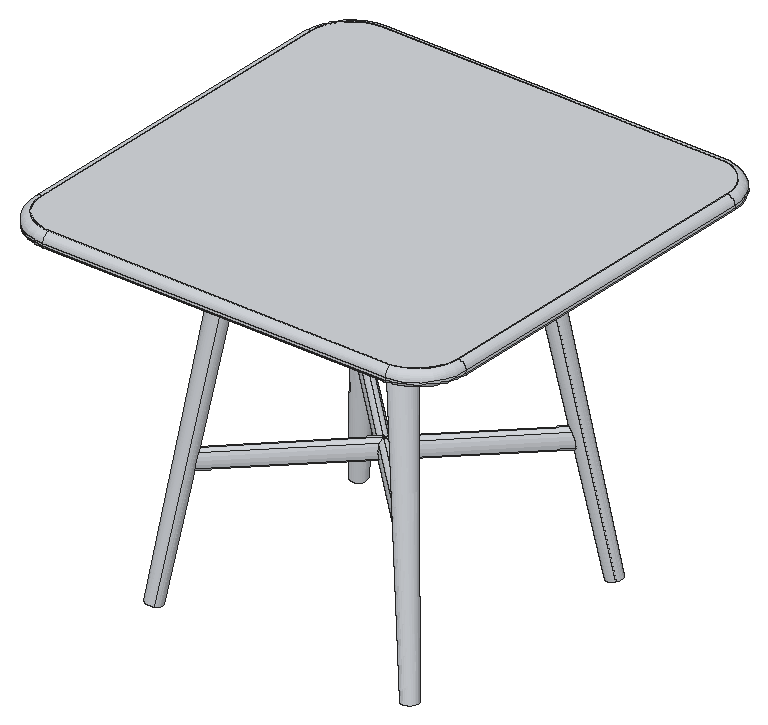
Revit family "Bernhardt_Design-Tables-Multipurpose-LaPaz", category Furniture, Revit 2016
Family settings
  OmniClass Number = 23.40.20.00
  OmniClass Title = General Furniture and Specialties
  Work Plane-Based = No
  Always vertical = Yes
  Cut with Voids When Loaded = No
  Shared = No
  Room Calculation Point = No
Parameters (values of type "La Paz - 36" Square")
  URL = "http://www.bernhardtdesign.com"
  Tabletop [instance] = none
  Square Radius = 17.99999"
  Square Inner Radius = 17.33597"
  Square Top = yes
  SKU = "LPS-CAA"
  Round 48 Top = no
  Round 42 Top = no
  Model = "La Paz"  # constant formula
  Manufacturer = "Bernhardt Design"  # constant formula
  Copyright © = "Copyright © Bernhardt Design"  # constant formula
  Catalog = SKU  # "LPS-CAA"
  Base Veneer [instance] = none
  Authoring Version = "Autodesk Revit 2016"  # constant formula
Types (5): name | Square Radius | Square Inner Radius | Square Top | SKU | Round 48 Top | Round 42 Top | Catalog
  (no name) | 17.99999" | 17.33597" | yes | "LPS-CAA" | no | no | "LPS-CAA"
  La Paz - 42" Round | 17.99999" | 17.33597" | no | "LPS-DBB" | no | yes | "LPS-DBB"
  La Paz - 48" Round | 17.99999" | 17.33597" | no | "LPS-DCC" | yes | no | "LPS-DCC"
  La Paz - 36" Square | 17.99999" | 17.33597" | yes | "LPS-CAA" | no | no | "LPS-CAA"
  La Paz - 42" Square | 21.000" | 20.336" | yes | "LPS-CBB" | no | no | "LPS-CBB"
Reference planes (in)
  plane 1 "Center Front/Back": y = 0
  plane 2: z = 0
  plane 3 "Center Left/Right": x = 0
  plane 4: x = 24
  plane 5: x = 24
  plane 6: y = 17.99999
  plane 7: y = -17.99999
  plane 8: x = 17.99999
  plane 9: x = -17.99999
  plane 10: y = 17.33597
  plane 11: y = -17.33597
  plane 12: x = 17.33597
  plane 13: x = -17.33597
Forms (in)
  Revolve 1, solid, material <- "Tabletop", visible <- "Round 42 Top"
    sketch origin (0, 0, 0) x (1, 0, 0) y (0, 0, 1)
      loop
        line (20.3125, 29.53584) -> (0, 29.53584) -> (0, 28.64215) -> (20.87546, 28.64215)
        arc (20.87546, 28.64215) -> (20.96352, 28.67862) -> (21, 28.76669) r 0.12454
        arc (21, 28.76669) -> (20.82831, 29.30506) -> (20.3125, 29.53584) r 0.69183
      axis (0, 29.53584) -> (0, 28.64215)
    angle from 0 to 360
  Revolve 2, solid, material <- "Tabletop", visible <- "Round 48 Top"
    sketch origin (0, 0, 0) x (1, 0, 0) y (0, 0, 1)
      loop
        line (23.3125, 29.53584) -> (0, 29.53584) -> (0, 28.64215) -> (23.87546, 28.64215)
        arc (23.87546, 28.64215) -> (23.96352, 28.67862) -> (24, 28.76669) r 0.12454
        arc (24, 28.76669) -> (23.82831, 29.30506) -> (23.3125, 29.53584) r 0.69183
      axis (0, 29.53584) -> (0, 28.64215)
    angle from 0 to 360
  Sweep 3, solid, material <- "Tabletop", visible <- "Square Top"
    path origin (0, 0, 0) x (1, 0, 0) y (0, 1, 0)
      loop
        line (14.49999, 18.00001) -> (-13.99999, 18.00001)
        arc (-13.99999, 18.00001) -> (-16.82842, 16.82843) -> (-17.99999, 14.00001) r 4
        line (-17.99999, 14.00001) -> (-17.99999, -13.99999)
        arc (-17.99999, -13.99999) -> (-16.82842, -16.82842) -> (-13.99999, -17.99999) r 4
        line (-13.99999, -17.99999) -> (14.49999, -17.99999)
        arc (14.49999, -17.99999) -> (17.00146, -16.65753) -> (17.99999, -13.99999) r 4.03571
        line (17.99999, -13.99999) -> (17.99999, 14.00001)
        arc (17.99999, 14.00001) -> (17.00146, 16.65754) -> (14.49999, 18.00001) r 4.03571
    profile origin (0.25, 18.00001, 0) x (0, -1, 0) y (0, 0, 1)
      loop
        line (0.12501, 28.455) -> (0.66402, 28.455) -> (0.66402, 29.45429)
        arc (0.66402, 29.45429) -> (0.19311, 29.24463) -> (0.00001, 28.76669) r 0.68803
        line (0.00001, 28.76669) -> (0.00001, 28.58)
        arc (0.00001, 28.58) -> (0.03662, 28.49161) -> (0.12501, 28.455) r 0.125
  Extrusion 4, solid, material <- "Tabletop", visible <- "Square Top"
    sketch origin (0, 0, 0) x (1, 0, 0) y (0, 1, 0)
      loop
        arc (14.45373, -17.33597) -> (16.51561, -16.20432) -> (17.33597, -14) r 3.37169
        line (17.33597, -14) -> (17.33597, 14)
        arc (17.33597, 14) -> (16.51561, 16.20432) -> (14.45373, 17.33597) r 3.37169
        line (14.45373, 17.33597) -> (-14.45373, 17.33597)
        arc (-14.45373, 17.33597) -> (-16.51561, 16.20432) -> (-17.33597, 14) r 3.37169
        line (-17.33597, 14) -> (-17.33597, -14)
        arc (-17.33597, -14) -> (-16.51561, -16.20432) -> (-14.45373, -17.33597) r 3.37169
        line (-14.45373, -17.33597) -> (14.45373, -17.33597)
    from 28.455 to 29.45429
Dimensions and locks (in)
  "Square Radius": plane 3 "Center Left/Right" to plane 8
  "Square Radius": plane 9 to plane 3 "Center Left/Right"
  "Square Radius": plane 6 to plane 1 "Center Front/Back"
  "Square Radius": plane 7 to plane 1 "Center Front/Back"
  "Square Inner Radius": plane 3 "Center Left/Right" to plane 12
  "Square Inner Radius": plane 13 to plane 3 "Center Left/Right"
  "Square Inner Radius": plane 10 to plane 1 "Center Front/Back"
  "Square Inner Radius": plane 11 to plane 1 "Center Front/Back"
  aligned and locked: level to plane 2
Automatic sketch dimensions
  Revolve 1 sketch curve to plane 3 "Center Left/Right" = 0.000"  (x2)
  plane 4 to Revolve 1 sketch curve = 3.6875"
  Revolve 1 sketch curve to Revolve 1 sketch curve = 0.56296"
  level to Revolve 1 sketch curve = 28.64215"
  Revolve 1 sketch curve to Revolve 1 sketch curve = 0.12454"
  Revolve 1 sketch curve to Revolve 1 sketch curve = 0.07732"
  Revolve 1 sketch curve to level = 24.000"
  Revolve 1 sketch curve to Revolve 1 sketch curve = 65.796"
  Revolve 2 sketch curve to plane 3 "Center Left/Right" = 0.000"  (x2)
  plane 5 to Revolve 2 sketch curve = 0.000"
  plane 5 to Revolve 2 sketch curve = 0.6875"
  plane 5 to Revolve 2 sketch curve = 0.12454"
  level to Revolve 2 sketch curve = 28.64215"
  Revolve 2 sketch curve to Revolve 2 sketch curve = 0.07732"
  Revolve 2 sketch curve to level = 24.000"
  Revolve 2 sketch curve to Revolve 2 sketch curve = 65.796"
  Sweep 3 sketch curve to profile plane = 0.00001"
  Sweep 3 sketch curve to Sweep 3 sketch curve = 0.125"
  Sweep 3 sketch curve to profile plane = 0.66402"
  Sweep 3 sketch curve to Sweep 3 sketch curve = 0.02401"
  level to Sweep 3 sketch curve = 28.455"
  Sweep 3 sketch curve to Sweep 3 sketch curve = 0.18669"
  Sweep 3 sketch curve to plane 9 = 0.000"
  Sweep 3 sketch curve to plane 7 = 0.000"
  Sweep 3 sketch curve to plane 8 = 0.000"
  plane 7 to Sweep 3 sketch curve = 4.000"  (x2)
  Sweep 3 sketch curve to Sweep 3 sketch curve = 4.000"
  plane 8 to Sweep 3 sketch curve = 4.03571"
  Sweep 3 sketch curve to Sweep 3 sketch curve = 4.03571"
  plane 6 to Sweep 3 sketch curve = 0.00002"
  plane 8 to Sweep 3 sketch curve = 3.500"
  Extrusion 4 sketch curve to plane 13 = 0.000"
  Extrusion 4 sketch curve to plane 11 = 0.000"
  Extrusion 4 sketch curve to plane 10 = 0.000"
  Extrusion 4 sketch curve to plane 12 = 0.000"
  Extrusion 4 sketch curve to plane 13 = 2.88224"  (x2)
  Extrusion 4 sketch curve to plane 10 = 3.33598"  (x2)
  plane 11 to Extrusion 4 sketch curve = 3.33598"  (x2)
  Extrusion 4 sketch curve to Extrusion 4 sketch curve = 3.37169"  (x2)
Nested families (in)
  nested 1: "LaPaz_BaseA" at (0, 0, 0), Base Veneer <- "Base Veneer", type "LaPaz_BaseA"
    with Base Veneer none
Definition of nested family "LaPaz_BaseA"
  Parameters (values of type "LaPaz_BaseA")
    Base Veneer [instance] = none
    URL = "http://www.bernhardtdesign.com"
    Model = "La Paz"  # constant formula
    Manufacturer = "Bernhardt Design"  # constant formula
    Copyright © = "Copyright © Bernhardt Design"  # constant formula
    Catalog = ""
    Authoring Version = "Autodesk Revit 2016"  # constant formula
  Reference planes (in)
    plane 1 "Center Front/Back": y = 0
    plane 2: z = 0
    plane 3 "Center Left/Right": x = 0
  Forms (in)
    SweptBlend 1, solid, material <- "Base Veneer"
      path origin (4.27575, -10.79352, -2.03277) x (0.707107, -0.707107, 0) y (0.134922, 0.134922, 0.981627)
        loop
          line (-10.65118, 29.00634) -> (-10.65118, 0)
      profile origin (0.65783, 0.65161, 26.44065) x (0.707107, -0.707107, 0) y (-0.694115, -0.694115, 0.190809)
        loop
          spline (-1.14281, 10.65342) -> (-1.10398, 10.42455) -> (-0.99015, 10.21128) -> (-0.80907, 10.02814) -> (-0.57308, 9.88761) -> (-0.29826, 9.79927) -> (-0.00334, 9.76914) -> (0.29157, 9.79927) -> (0.56639, 9.88761) -> (0.80238, 10.02814) -> (0.98346, 10.21128) -> (1.09729, 10.42455) -> (1.13612, 10.65342)
          spline (1.13612, 10.65342) -> (1.09729, 10.88229) -> (0.98346, 11.09557) -> (0.80238, 11.27871) -> (0.56639, 11.41924) -> (0.29157, 11.50758) -> (-0.00334, 11.53771) -> (-0.29826, 11.50758) -> (-0.57308, 11.41924) -> (-0.80907, 11.27871) -> (-0.99015, 11.09557) -> (-1.10398, 10.88229) -> (-1.14281, 10.65342)
      end profile origin (-3.25578, -3.262, -2.03277) x (0.707107, -0.707107, 0) y (-0.694115, -0.694115, 0.190809)
        loop
          circle (-0.00334, 10.65342) r 0.64322
    SweptBlend 2, solid, material <- "Base Veneer"
      path origin (-4.27575, -10.79352, -2.03277) x (-0.707107, -0.707107, 0) y (0.134922, -0.134922, -0.981627)
        loop
          line (-10.65118, -29.00634) -> (-10.65118, 0)
      profile origin (-0.65783, 0.65161, 26.44065) x (0.707107, 0.707107, 0) y (0.694115, -0.694115, 0.190809)
        loop
          spline (1.14281, 10.65342) -> (1.10398, 10.88229) -> (0.99015, 11.09557) -> (0.80907, 11.27871) -> (0.57308, 11.41924) -> (0.29826, 11.50758) -> (0.00334, 11.53771) -> (-0.29157, 11.50758) -> (-0.56639, 11.41924) -> (-0.80238, 11.27871) -> (-0.98346, 11.09557) -> (-1.09729, 10.88229) -> (-1.13612, 10.65342)
          spline (-1.13612, 10.65342) -> (-1.09729, 10.42455) -> (-0.98346, 10.21128) -> (-0.80238, 10.02814) -> (-0.56639, 9.88761) -> (-0.29157, 9.79927) -> (0.00334, 9.76914) -> (0.29826, 9.79927) -> (0.57308, 9.88761) -> (0.80907, 10.02814) -> (0.99015, 10.21128) -> (1.10398, 10.42455) -> (1.14281, 10.65342)
      end profile origin (3.25578, -3.262, -2.03277) x (0.707107, 0.707107, 0) y (0.694115, -0.694115, 0.190809)
        loop
          circle (0.00334, 10.65342) r 0.64322
    SweptBlend 3, solid, material <- "Base Veneer"
      path origin (-4.27575, 10.79352, -2.03277) x (-0.707107, 0.707107, 0) y (-0.134922, -0.134922, 0.981627)
        loop
          line (-10.65118, 29.00634) -> (-10.65118, 0)
      profile origin (-0.65783, -0.65161, 26.44065) x (-0.707107, 0.707107, 0) y (0.694115, 0.694115, 0.190809)
        loop
          spline (-1.14281, 10.65342) -> (-1.10398, 10.42455) -> (-0.99015, 10.21128) -> (-0.80907, 10.02814) -> (-0.57308, 9.88761) -> (-0.29826, 9.79927) -> (-0.00334, 9.76914) -> (0.29157, 9.79927) -> (0.56639, 9.88761) -> (0.80238, 10.02814) -> (0.98346, 10.21128) -> (1.09729, 10.42455) -> (1.13612, 10.65342)
          spline (1.13612, 10.65342) -> (1.09729, 10.88229) -> (0.98346, 11.09557) -> (0.80238, 11.27871) -> (0.56639, 11.41924) -> (0.29157, 11.50758) -> (-0.00334, 11.53771) -> (-0.29826, 11.50758) -> (-0.57308, 11.41924) -> (-0.80907, 11.27871) -> (-0.99015, 11.09557) -> (-1.10398, 10.88229) -> (-1.14281, 10.65342)
      end profile origin (3.25578, 3.262, -2.03277) x (-0.707107, 0.707107, 0) y (0.694115, 0.694115, 0.190809)
        loop
          circle (-0.00334, 10.65342) r 0.64322
    SweptBlend 4, solid, material <- "Base Veneer"
      path origin (4.27575, 10.79352, -2.03277) x (0.707107, 0.707107, 0) y (-0.134922, 0.134922, -0.981627)
        loop
          line (-10.65118, -29.00634) -> (-10.65118, 0)
      profile origin (0.65783, -0.65161, 26.44065) x (-0.707107, -0.707107, 0) y (-0.694115, 0.694115, 0.190809)
        loop
          spline (1.14281, 10.65342) -> (1.10398, 10.88229) -> (0.99015, 11.09557) -> (0.80907, 11.27871) -> (0.57308, 11.41924) -> (0.29826, 11.50758) -> (0.00334, 11.53771) -> (-0.29157, 11.50758) -> (-0.56639, 11.41924) -> (-0.80238, 11.27871) -> (-0.98346, 11.09557) -> (-1.09729, 10.88229) -> (-1.13612, 10.65342)
          spline (-1.13612, 10.65342) -> (-1.09729, 10.42455) -> (-0.98346, 10.21128) -> (-0.80238, 10.02814) -> (-0.56639, 9.88761) -> (-0.29157, 9.79927) -> (0.00334, 9.76914) -> (0.29826, 9.79927) -> (0.57308, 9.88761) -> (0.80907, 10.02814) -> (0.99015, 10.21128) -> (1.10398, 10.42455) -> (1.14281, 10.65342)
      end profile origin (-3.25578, 3.262, -2.03277) x (-0.707107, -0.707107, 0) y (-0.694115, 0.694115, 0.190809)
        loop
          circle (0.00334, 10.65342) r 0.64322
    Extrusion 5, solid, material <- "Base Veneer"
      sketch origin (0, 0, 0) x (1, 0, 0) y (0, 1, 0)
        loop
          line (-6.33264, 5.75) -> (-6.33264, 4.5) -> (6.33264, 4.5) -> (6.33264, 5.75) -> (-6.33264, 5.75)
        loop
          line (-6.33264, -4.5) -> (-6.33264, -5.75) -> (6.33264, -5.75) -> (6.33264, -4.5) -> (-6.33264, -4.5)
      from 26.68001 to 28.43001
    Extrusion 6, solid, material <- "Base Veneer"
      sketch origin (0, 0, 0) x (1, 0, 0) y (0, 0, 1)
        loop
          line (7.61057, 28.43001) -> (6.10376, 28.43001) -> (6.33391, 26.68187) -> (7.4173, 26.68187)
          arc (7.4173, 26.68187) -> (7.69651, 26.80618) -> (7.78587, 27.09846) r 0.36851
          line (7.78587, 27.09846) -> (7.61057, 28.43001)
        loop
          line (-7.40448, 26.68187) -> (-6.33034, 26.68187) -> (-6.09499, 28.43001) -> (-7.61057, 28.43001) -> (-7.79022, 27.09552)
          arc (-7.79022, 27.09552) -> (-7.68728, 26.80483) -> (-7.40448, 26.68187) r 0.38668
      from -6.52032 to 6.35443
    Extrusion 7, solid, material <- "Base Veneer"
      sketch origin (0, 0, 0) x (0.707107, 0.707107, 0) y (0, 0, 1)
        loop
          arc (-0.38537, 11.16135) -> (-0.49761, 10.56424) -> (-0.38537, 9.96713) r 1.64438
          arc (-0.38537, 9.96713) -> (-0.2253, 9.80148) -> (0, 9.75352) r 0.39433
          arc (0, 9.75352) -> (0.2253, 9.80148) -> (0.38537, 9.96713) r 0.39433
          arc (0.38537, 9.96713) -> (0.49761, 10.56424) -> (0.38537, 11.16135) r 1.64438
          arc (0.38537, 11.16135) -> (0.2253, 11.327) -> (0, 11.37495) r 0.39433
          arc (0, 11.37495) -> (-0.2253, 11.327) -> (-0.38537, 11.16135) r 0.39433
      from 0 to 12.53662
    Extrusion 8, solid, material <- "Base Veneer"
      sketch origin (0, 0, 0) x (0.707107, 0.707107, 0) y (0, 0, -1)
        loop
          arc (-0.38537, -11.16135) -> (-0.2253, -11.327) -> (0, -11.37495) r 0.39433
          arc (0, -11.37495) -> (0.2253, -11.327) -> (0.38537, -11.16135) r 0.39433
          arc (0.38537, -11.16135) -> (0.49761, -10.56424) -> (0.38537, -9.96713) r 1.64438
          arc (0.38537, -9.96713) -> (0.2253, -9.80148) -> (0, -9.75352) r 0.39433
          arc (0, -9.75352) -> (-0.2253, -9.80148) -> (-0.38537, -9.96713) r 0.39433
          arc (-0.38537, -9.96713) -> (-0.49761, -10.56424) -> (-0.38537, -11.16135) r 1.64438
      from 0 to 12.53662
    Extrusion 9, solid, material <- "Base Veneer"
      sketch origin (0, 0, 0) x (0.707107, -0.707107, 0) y (0, 0, 1)
        loop
          arc (-0.38537, 11.16135) -> (-0.49761, 10.56424) -> (-0.38537, 9.96713) r 1.64438
          arc (-0.38537, 9.96713) -> (-0.2253, 9.80148) -> (0, 9.75352) r 0.39433
          arc (0, 9.75352) -> (0.2253, 9.80148) -> (0.38537, 9.96713) r 0.39433
          arc (0.38537, 9.96713) -> (0.49761, 10.56424) -> (0.38537, 11.16135) r 1.64438
          arc (0.38537, 11.16135) -> (0.2253, 11.327) -> (0, 11.37495) r 0.39433
          arc (0, 11.37495) -> (-0.2253, 11.327) -> (-0.38537, 11.16135) r 0.39433
      from 0 to 12.53662
    Extrusion 10, solid, material <- "Base Veneer"
      sketch origin (0, 0, 0) x (0.707107, -0.707107, 0) y (0, 0, -1)
        loop
          arc (-0.38537, -11.16135) -> (-0.2253, -11.327) -> (0, -11.37495) r 0.39433
          arc (0, -11.37495) -> (0.2253, -11.327) -> (0.38537, -11.16135) r 0.39433
          arc (0.38537, -11.16135) -> (0.49761, -10.56424) -> (0.38537, -9.96713) r 1.64438
          arc (0.38537, -9.96713) -> (0.2253, -9.80148) -> (0, -9.75352) r 0.39433
          arc (0, -9.75352) -> (-0.2253, -9.80148) -> (-0.38537, -9.96713) r 0.39433
          arc (-0.38537, -9.96713) -> (-0.49761, -10.56424) -> (-0.38537, -11.16135) r 1.64438
      from 0 to 12.53662
  Dimensions and locks (in)
    aligned and locked: level to plane 2
